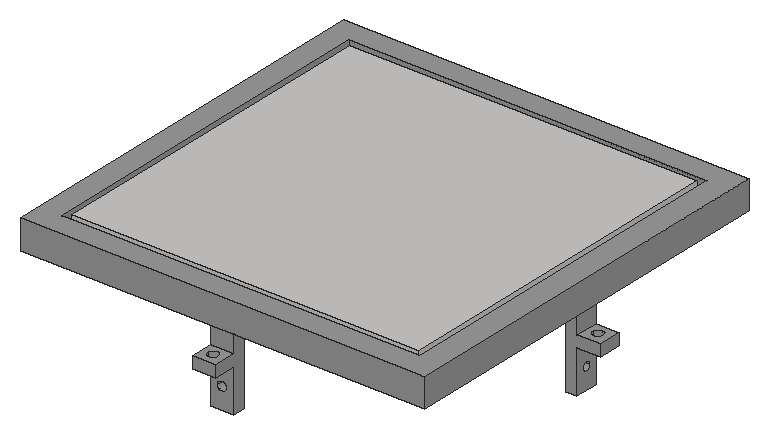
Revit family "Access_Cover_Square_Wall-Zurn-Z1460", category Plumbing Fixtures, host Face, Revit 2022
Family settings
  Host = Face
  Round Connector Dimension = Use Radius
  Part Type = Normal
  OmniClass Number = 23.30.10.27.14
  OmniClass Title = Access Panels
  Cut with Voids When Loaded = No
  Maintain Annotation Orientation = No
  Shared = No
  Room Calculation Point = No
Parameters (values of type "Load Family Type Catalog")
  Waste Connection = 1 = 1  # yes
  WFU = 1  # constant formula
  Vent Connection = 1 = 0  # no
  URL = "www.zurn.com"
  Type Comments = "ZANB1460 7 Inch Square Frame"
  Product data url = "https://www.bimobject.com/en-us/zurnindustries/product/zurn-1460"
  Product Page URL = "https://www.zurn.com/products/drainage-interceptors/cleanouts/access-covers/z1460"
  Product Documentation Link = "https://files.zurn.com/spec-sheets/z1460.pdf"
  Opening Size_C = 6.000"
  Model = "Z1460"
  Frame Size_A = 7.000"
  Modified Date = "02/10/2026"  # constant formula
  Manufacurer Brand = "Zurn"  # constant formula
  Manufacturer = "Zurn Water, LLC"  # constant formula
  Main Material = Bronze - Zurn - Polished Nickel
  HWFU = 0  # constant formula
  HW Connection = 1 = 0  # no
  Description = "SQUARE WALL ACCESS COVER"  # constant formula
  Default Elevation = 20.000"
  Date Created = "10/08/2013"  # constant formula
  Cover Material = Steel - Zurn - Stainless - Type - 304
  CWFU = 0  # constant formula
  CW Connection = 1 = 0  # no
  Assembly Code = "D2030300"
  Approx. Weight (Lbs) = 3.000"
Reference planes (in)
  plane 1 "Center (Front/Back)": y = 0
  plane 2: z = 0
  plane 3 "Center (Left/Right)": x = 0
  plane 4: x = -3.5
  plane 5: x = 3.5
  plane 6: y = 3.5
  plane 7: y = -3.5
  plane 8: x = 3
  plane 9: x = -3
  plane 10: y = 3
  plane 11: y = -3
  plane 12: x = 3
  plane 13: x = -3
  plane 14: y = 3
  plane 15: y = -3
  plane 16: x = 3.1
  plane 17: x = -3.1
  plane 18: y = 3.1
  plane 19: y = -3.1
  plane 20: z = -0.5
  plane 21: z = -0.3
  plane 22: y = -3
  plane 23: y = 3
  plane 24: x = -3
  plane 25: x = 3
  plane 26: z = -0.25
  plane 27: z = -1
  plane 28: z = -1.75
  plane 29: y = 3.3
  plane 30: x = 0.2
  plane 31: x = -0.2
  plane 32: x = 3.3
  plane 33: y = 0.2
  plane 34: y = -0.2
  plane 35: z = -1.375
  plane 36: y = -3.9
  plane 37: y = 3.9
  plane 38: x = -3.9
  plane 39: x = 3.9
  plane 40 "Hole": z = -0.8
  plane 41: x = 3.7
  plane 42: y = 3.7
  plane 43: x = 3.79
  plane 44: y = -3.7
  plane 45: x = -3.7
  plane 46: x = -3.7
  plane 47: x = -3.61
  plane 48: y = -3
  plane 49: y = 3
  plane 50: x = -3
  plane 51: x = 3
  plane 52: x = -3.3
  plane 53: x = 3.3
Forms (in)
  Extrusion 1, solid, material "Bronze - Zurn - Polished Nickel" <- "Main Material", detail levels fine
    sketch origin (0, 0, 0) x (1, 0, 0) y (0, 1, 0)
      loop
        line (-3.5, 3.5) -> (-3.5, -3.5) -> (3.5, -3.5) -> (3.5, 3.5) -> (-3.5, 3.5)
    from -0.5 to 0
  Extrusion 2, void
    sketch origin (0, 0, 0) x (1, 0, 0) y (0, 1, 0)
      loop
        line (-3.1, 3.1) -> (-3.1, -3.1) -> (3.1, -3.1) -> (3.1, 3.1) -> (-3.1, 3.1)
    from -0.3 to 0
  Extrusion 3, solid, material "Steel - Zurn - Stainless - Type - 304" <- "Cover Material", detail levels fine
    sketch origin (0, 0, 0) x (1, 0, 0) y (0, 1, 0)
      loop
        line (-3, 3) -> (-3, -3) -> (3, -3) -> (3, 3) -> (-3, 3)
    from -0.25 to 0
  Extrusion 4, solid, material "Bronze - Zurn - Polished Nickel" <- "Main Material", detail levels fine
    sketch origin (0, 0, 0) x (0, 1, 0) y (0, 0, 1)
      loop
        line (3.5, -0.5) -> (3.3, -0.5) -> (3.3, -1.75) -> (3.5, -1.75) -> (3.5, -1) -> (3.9, -1) -> (3.9, -0.8) -> (3.5, -0.8) -> (3.5, -0.5)
      loop
        line (-3.5, -0.5) -> (-3.5, -0.8) -> (-3.9, -0.8) -> (-3.9, -1) -> (-3.5, -1) -> (-3.5, -1.75) -> (-3.3, -1.75) -> (-3.3, -0.5) -> (-3.5, -0.5)
    from -0.2 to 0.2
  Extrusion 5, solid, material "Bronze - Zurn - Polished Nickel" <- "Main Material", detail levels fine
    sketch origin (0, 0, 0) x (1, 0, 0) y (0, 0, 1)
      loop
        line (3.5, -0.5) -> (3.3, -0.5) -> (3.3, -1.75) -> (3.5, -1.75) -> (3.5, -1) -> (3.9, -1) -> (3.9, -0.8) -> (3.5, -0.8) -> (3.5, -0.5)
      loop
        line (-3.5, -0.5) -> (-3.5, -0.8) -> (-3.9, -0.8) -> (-3.9, -1) -> (-3.5, -1) -> (-3.5, -1.75) -> (-3.3, -1.75) -> (-3.3, -0.5) -> (-3.5, -0.5)
    from -0.2 to 0.2
  Extrusion 6, void
    sketch origin (0, 0, 0) x (0, 1, 0) y (0, 0, 1)
      loop
        circle (0, -1.375) r 0.08
    from -3.5 to 3.5
  Extrusion 7, void
    sketch origin (0, 0, 0) x (1, 0, 0) y (0, 0, 1)
      loop
        circle (0, -1.375) r 0.08
    from -3.5 to 3.5
  Revolve 8, void
    sketch origin (0, 0, 0) x (1, 0, 0) y (0, 0, 1)
      loop
        line (3.7, -0.8) -> (3.7, -1) -> (3.79, -1) -> (3.79, -0.8) -> (3.7, -0.8)
      axis (3.7, -0.8) -> (3.7, -1)
    angle from 0 to 360
  Extrusion 9, void
    sketch origin (0, -1.46852, -0.8) x (-1, 0, 0) y (0, -1, 0)
      loop
        circle (0, -5.16852) r 0.09
      loop
        circle (0, 2.23148) r 0.09
    from -0.2 to 0
  Revolve 10, void
    sketch origin (0, 0, 0) x (1, 0, 0) y (0, 0, 1)
      loop
        line (-3.7, -0.8) -> (-3.7, -1) -> (-3.61, -1) -> (-3.61, -0.8) -> (-3.7, -0.8)
      axis (-3.7, -0.8) -> (-3.7, -1)
    angle from 0 to 360
Cuts and joins
  Extrusion 2 cuts Extrusion 1
  Extrusion 6, Revolve 8, Revolve 10 cuts Extrusion 5
  Extrusion 7, Extrusion 9 cuts Extrusion 4
Lines and regions (in)
  Masking region 1, detail levels fine
    outline origin (0, 0, 0) x (1, 0, 0) y (0, 0, 1)
      loop
        line (-3.5, -1.75) -> (-3.3, -1.75) -> (-3.3, -0.5) -> (-0.2, -0.5) -> (-0.2, -1.75) -> (0.2, -1.75) -> (0.2, -0.5) -> (3.3, -0.5) -> (3.3, -1.75) -> (3.5, -1.75) -> (3.5, -1) -> (3.9, -1) -> (3.9, -0.8) -> (3.5, -0.8) -> (3.5, 0) -> (-3.5, 0) -> (-3.5, -0.8) -> (-3.9, -0.8) -> (-3.9, -1) -> (-3.5, -1) -> (-3.5, -1.75)
  model lines, detail levels coarse+medium
    curve 1: line (-3.5, 3.5, 0) -> (3.5, 3.5, 0)
    curve 2: line (-3.5, -3.5, 0) -> (-3.5, 3.5, 0)
    curve 3: line (3.5, -3.5, 0) -> (-3.5, -3.5, 0)
    curve 4: line (3.5, 3.5, 0) -> (3.5, -3.5, 0)
    curve 5: line (-3, 3, 0) -> (3, 3, 0)
    curve 6: line (-3, -3, 0) -> (-3, 3, 0)
    curve 7: line (3, -3, 0) -> (-3, -3, 0)
    curve 8: line (3, 3, 0) -> (3, -3, 0)
Dimensions and locks (in)
  equal spacing: plane 4, plane 3 "Center (Left/Right)", plane 5
  "Frame Size_A": plane 4 to plane 5
  equal spacing: plane 7, plane 1 "Center (Front/Back)", plane 6
  "Frame Size_A": plane 7 to plane 6
  equal spacing: plane 11, plane 1 "Center (Front/Back)", plane 10
  locked: plane 11 to plane 10 at 6
  equal spacing: plane 9, plane 3 "Center (Left/Right)", plane 8
  locked: plane 9 to plane 8 at 6
  equal spacing: plane 15, plane 1 "Center (Front/Back)", plane 14
  equal spacing: plane 13, plane 3 "Center (Left/Right)", plane 12
  locked: plane 13 to plane 12 at 6
  locked: plane 2 to plane 21 at 0.3
  locked: plane 2 to plane 20 at 0.5
  equal spacing: plane 22, plane 1 "Center (Front/Back)", plane 23
  "Opening Size_C": plane 22 to plane 23
  equal spacing: plane 24, plane 3 "Center (Left/Right)", plane 25
  "Opening Size_C": plane 24 to plane 25
  locked: plane 2 to plane 26 at 0.25
  locked: plane 2 to plane 27 at 1
  locked: plane 2 to plane 28 at 1.75
  locked: plane 29 to plane 6 at 0.2
  equal spacing: plane 30, plane 3 "Center (Left/Right)", plane 31
  locked: plane 30 to plane 31 at 0.4
  plane 5 to plane 32 = 0.200"
  locked: plane 18 to plane 6 at 0.4
  locked: plane 7 to plane 19 at 0.4
  locked: plane 16 to plane 5 at 0.4
  locked: plane 4 to plane 17 at 0.4
  locked: plane 35 to plane 28 at 0.375
  locked: plane 36 to plane 7 at 0.4
  locked: plane 6 to plane 37 at 0.4
  locked: plane 38 to plane 4 at 0.4
  plane 39 to plane 5 = 0.400"
  locked: plane 40 "Hole" to plane 27 at 0.2
  locked: plane 37 to plane 42 at 0.2
  locked: plane 43 to plane 41 at 0.09
  equal spacing: plane 39, plane 41, plane 5
  plane 45 to cut or joined group of Extrusion 1, Extrusion 2 = 0.200"
  locked: plane 4 to plane 46 at 0.2
  locked: plane 47 to plane 46 at 0.09
  plane 36 to plane 44 = 0.200"
  equal spacing: plane 50, plane 3 "Center (Left/Right)", plane 51
  locked: plane 50 to plane 51 at 6
  equal spacing: plane 48, plane 1 "Center (Front/Back)", plane 49
  locked: plane 48 to plane 49 at 6
  locked: plane 52 to plane 4 at 0.2
  locked: plane 5 to plane 53 at 0.2
  locked: plane 7 to cut or joined group of Extrusion 4, Extrusion 7, Extrusion 9 at 0.2
  aligned and locked: plane 2 to host face
  aligned and locked: level to host face
  aligned and locked: Extrusion 1 to plane 20
  aligned and locked: plane 2 to Extrusion 1
  aligned and locked: Extrusion 2 to plane 21
  aligned and locked: plane 2 to Extrusion 2
  aligned and locked: plane 24 to Extrusion 3 sketch curve
  aligned and locked: Extrusion 3 to plane 26
  aligned and locked: plane 2 to Extrusion 3
  aligned and locked: Extrusion 4 to cut or joined group of Extrusion 1, Extrusion 2
  aligned and locked: Extrusion 4 to plane 27
  aligned and locked: Extrusion 4 to plane 28
  aligned and locked: Extrusion 4 to plane 29
  aligned and locked: Extrusion 4 to plane 31
  aligned and locked: plane 30 to Extrusion 4
  aligned and locked: plane 28 to Extrusion 5 sketch curve
  aligned and locked: Extrusion 5 sketch curve to plane 20
  aligned and locked: plane 27 to Extrusion 5 sketch curve
  aligned and locked: plane 32 to Extrusion 5 sketch curve
  aligned and locked: plane 34 to Extrusion 5
  aligned and locked: Extrusion 5 to plane 33
  aligned and locked: Extrusion 6 to plane 4
  aligned and locked: plane 5 to Extrusion 6
  aligned and locked: Extrusion 7 to plane 6
  aligned and locked: plane 7 to Extrusion 7
  aligned and locked: plane 35 to Extrusion 6 sketch curve
  aligned and locked: plane 1 "Center (Front/Back)" to Extrusion 6 sketch curve
  aligned and locked: plane 35 to Extrusion 7 sketch curve
  aligned and locked: plane 3 "Center (Left/Right)" to Extrusion 7 sketch curve
  aligned and locked: plane 36 to cut or joined group of Extrusion 4, Extrusion 7, Extrusion 9
  aligned and locked: plane 37 to cut or joined group of Extrusion 4, Extrusion 7, Extrusion 9
  aligned and locked: cut or joined group of Extrusion 5, Extrusion 6, Revolve 8, Revolve 10 to plane 38  (x2)
  aligned and locked: plane 39 to cut or joined group of Extrusion 5, Extrusion 6, Revolve 8, Revolve 10  (x3)
  aligned and locked: plane 40 "Hole" to cut or joined group of Extrusion 5, Extrusion 6, Revolve 8, Revolve 10  (x4)
  aligned and locked: plane 40 "Hole" to Extrusion 4  (x2)
  aligned and locked: Revolve 8 sketch curve to plane 41
  aligned and locked: plane 42 to Extrusion 9 sketch curve
  aligned and locked: plane 3 "Center (Left/Right)" to Extrusion 9 sketch curve  (x2)
  aligned and locked: plane 43 to Revolve 8 sketch curve
  aligned and locked: Extrusion 9 to Extrusion 4
  aligned and locked: Extrusion 4 to Extrusion 9
  aligned and locked: plane 44 to Extrusion 9 sketch curve
  aligned and locked: Revolve 10 sketch curve to plane 47
  aligned and locked: plane 27 to Revolve 10 sketch curve
  aligned and locked: Revolve 10 sketch curve to plane 46
  aligned and locked: plane 6 to curve 1
  aligned and locked: plane 4 to curve 2
  aligned and locked: curve 3 to plane 7
  aligned and locked: curve 4 to plane 5
  aligned and locked: plane 49 to curve 5
  aligned and locked: plane 50 to curve 6
  aligned and locked: curve 7 to plane 48
  aligned and locked: curve 8 to plane 51
  aligned and locked: Masking region 1 to plane 38
  aligned and locked: cut or joined group of Extrusion 5, Extrusion 6, Revolve 8, Revolve 10 to plane 4  (x3)
  aligned and locked: Masking region 1 to plane 4  (x2)
  aligned and locked: cut or joined group of Extrusion 4, Extrusion 7, Extrusion 9 to plane 31
  aligned and locked: plane 30 to cut or joined group of Extrusion 4, Extrusion 7, Extrusion 9
  aligned and locked: plane 39 to Masking region 1
  aligned and locked: plane 5 to cut or joined group of Extrusion 5, Extrusion 6, Revolve 8, Revolve 10  (x3)
  aligned and locked: plane 5 to Masking region 1  (x2)
  aligned and locked: cut or joined group of Extrusion 5, Extrusion 6, Revolve 8, Revolve 10 to plane 28  (x4)
  aligned and locked: cut or joined group of Extrusion 1, Extrusion 2 to plane 20
  aligned and locked: plane 2 to cut or joined group of Extrusion 1, Extrusion 2
  aligned and locked: Masking region 1 to plane 20  (x2)
  aligned and locked: cut or joined group of Extrusion 5, Extrusion 6, Revolve 8, Revolve 10 to plane 27  (x2)
  aligned and locked: plane 40 "Hole" to Masking region 1  (x2)
  aligned and locked: plane 4 to Extrusion 1 sketch curve  (x2)
  aligned and locked: plane 7 to Extrusion 1 sketch curve  (x2)
  aligned and locked: plane 6 to Extrusion 1 sketch curve  (x2)
  aligned and locked: plane 5 to Extrusion 1 sketch curve  (x2)
  aligned and locked: plane 19 to Extrusion 2 sketch curve  (x2)
  aligned and locked: plane 16 to Extrusion 2 sketch curve  (x2)
  aligned and locked: plane 18 to Extrusion 2 sketch curve  (x3)
  aligned and locked: plane 17 to Extrusion 2 sketch curve  (x2)
  aligned and locked: plane 23 to Extrusion 3 sketch curve  (x2)
  aligned and locked: plane 22 to Extrusion 3 sketch curve  (x2)
  aligned and locked: plane 25 to Extrusion 3 sketch curve
  aligned and locked: Extrusion 3 sketch curve to Extrusion 3 sketch curve
  aligned and locked: plane 52 to cut or joined group of Extrusion 5, Extrusion 6, Revolve 8, Revolve 10
  aligned and locked: plane 2 to Masking region 1
  aligned and locked: Masking region 1 to plane 31
  aligned and locked: plane 30 to Masking region 1
  aligned and locked: cut or joined group of Extrusion 4, Extrusion 7, Extrusion 9 to plane 28  (x2)
  aligned and locked: plane 5 to cut or joined group of Extrusion 1, Extrusion 2  (x4)
  aligned and locked: Masking region 1 to plane 28  (x3)
  aligned and locked: cut or joined group of Extrusion 5, Extrusion 6, Revolve 8, Revolve 10 to plane 53  (x2)
  aligned and locked: Masking region 1 to plane 53
  aligned and locked: Masking region 1 to plane 27  (x2)
  aligned and locked: cut or joined group of Extrusion 1, Extrusion 2 to plane 4
  aligned and locked: plane 2 to curve 3
  aligned and locked: plane 20 to cut or joined group of Extrusion 1, Extrusion 2  (x2)
  aligned and locked: plane 52 to Masking region 1
  aligned and locked: cut or joined group of Extrusion 4, Extrusion 7, Extrusion 9 to plane 30
  aligned and locked: plane 31 to cut or joined group of Extrusion 4, Extrusion 7, Extrusion 9
  aligned and locked: curve 1 to plane 2
  aligned and locked: plane 29 to Extrusion 4 sketch curve
  aligned and locked: plane 6 to Extrusion 4 sketch curve  (x2)
  aligned and locked: Extrusion 4 sketch curve to plane 20
  aligned and locked: plane 28 to Extrusion 4 sketch curve
  aligned and locked: plane 27 to Extrusion 4 sketch curve
  aligned and locked: Extrusion 4 sketch curve to plane 40 "Hole"
  aligned and locked: Extrusion 4 sketch curve to plane 37
  aligned and locked: plane 7 to Extrusion 4 sketch curve  (x2)
  aligned and locked: Extrusion 4 sketch curve to plane 27
  aligned and locked: plane 40 "Hole" to Extrusion 4 sketch curve
  aligned and locked: plane 36 to Extrusion 4 sketch curve
  aligned and locked: plane 20 to Extrusion 4 sketch curve
  aligned and locked: plane 20 to Extrusion 5 sketch curve
Automatic sketch dimensions
  host sketch curve to host sketch curve = 96.000"  (x2)
  Revolve 8 sketch curve to plane 40 "Hole" = 0.000"
  Revolve 8 sketch curve to plane 41 = 0.000"
  Revolve 8 sketch curve to plane 27 = 0.000"
  Revolve 8 sketch curve to plane 28 = 10.250"
  level to Revolve 8 sketch curve = 96.000"
  Revolve 10 sketch curve to plane 46 = 0.000"
  Revolve 10 sketch curve to plane 28 = 0.54411"
  Revolve 10 sketch curve to plane 20 = 0.10339"
  Masking region 1 sketch curve to plane 38 = 0.000"
  Masking region 1 sketch curve to plane 4 = 0.000"  (x2)
  Masking region 1 sketch curve to plane 20 = 0.000"  (x2)
  Masking region 1 sketch curve to plane 28 = 0.000"  (x3)
  Masking region 1 sketch curve to plane 31 = 0.000"
  plane 30 to Masking region 1 sketch curve = 0.000"
  plane 5 to Masking region 1 sketch curve = 0.000"  (x2)
  level to Masking region 1 sketch curve = 0.000"
  plane 39 to Masking region 1 sketch curve = 0.000"
  Masking region 1 sketch curve to plane 27 = 0.000"  (x2)
  plane 40 "Hole" to Masking region 1 sketch curve = 0.000"  (x2)
  plane 4 to Masking region 1 sketch curve = 0.200"
  Masking region 1 sketch curve to plane 5 = 0.200"
  Extrusion 1 sketch curve to plane 5 = 0.000"
  Extrusion 2 sketch curve to plane 17 = 0.000"
  plane 22 to Extrusion 3 sketch curve = 0.000"
  Extrusion 4 sketch curve to plane 28 = 0.000"
  Extrusion 4 sketch curve to Extrusion 4 sketch curve = 0.200"
  Extrusion 5 sketch curve to plane 38 = 0.000"
  Extrusion 5 sketch curve to plane 4 = 0.000"  (x2)
  Extrusion 5 sketch curve to plane 52 = 0.000"
  Extrusion 5 sketch curve to plane 5 = 0.000"  (x2)
  Extrusion 5 sketch curve to plane 39 = 0.000"
  Extrusion 5 sketch curve to plane 28 = 0.000"
  Extrusion 5 sketch curve to plane 27 = 0.000"
  plane 40 "Hole" to Extrusion 5 sketch curve = 0.000"
  Extrusion 5 sketch curve to plane 40 "Hole" = 0.000"
  Revolve 10 sketch curve to plane 40 "Hole" = 0.000"
  radius of Extrusion 6 sketch curve = 0.080"
  radius of Extrusion 7 sketch curve = 0.080"
  radius of Extrusion 9 sketch curve = 0.090"  (x2)
Types in the file's own list only (8): name | Type Comments | Opening Size_C | Frame Size_A | Default Elevation | Cover Material | Approx. Weight (Lbs)
  ZANB1460 7x7 | "ZANB1460 7 Inch Square Frame" | 6.000 " | 7.000 " | 20.000 " | Steel - Zurn - Stainless - Type - 304 | 3.000 "
  ZANB1460 9x9 | "ZANB1460 9 Inch Square Frame" | 8.000 " | 9.000 " | 20.000 " | Steel - Zurn - Stainless - Type - 304 | 5.000 "
  ZANB1460 10x10 | "ZANB1460 10 Inch Square Frame" | 9.000 " | 10.000 " | 20.000 " | Steel - Zurn - Stainless - Type - 304 | 7.000 "
  ZANB1460 11x11 | "ZANB1460 11 Inch Square Frame" | 10.000 " | 11.000 " | 20.000 " | Steel - Zurn - Stainless - Type - 304 | 10.000 "
  ZAB1460 7x7 | "ZAB1460 7Inch Square Frame" | 6.000 " | 7.000 " | 20.000 " | Bronze - Zurn - Polished | 3.000 "
  ZAB1460 9x9 | "ZAB1460 9 Inch Square Frame" | 8.000 " | 9.000 " | 20.000 " | Bronze - Zurn - Polished | 5.000 "
  ZAB1460 10x10 | "ZAB1460 10 Inch Square Frame" | 9.000 " | 10.000 " | 20.000 " | Bronze - Zurn - Polished | 7.000 "
  ZAB1460 11x11 | "ZAB1460 11 Inch Square Frame" | 10.000 " | 11.000 " | 20.000 " | Bronze - Zurn - Polished | 10.000 "
